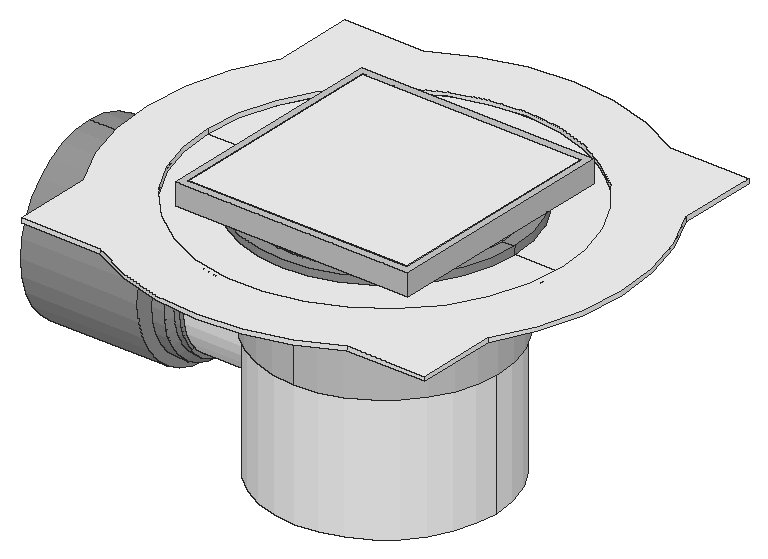
Revit family "HL_RU_Floor drain_HL72.1-A-160411", category Instalační zařizovací předměty, Revit 2021
Family settings
  Kóta kulaté spojky = Použít průměr
  Typ dílu = Normální
  Číslo OmniClass = 23.70.50.21.24.14
  Nadpis OmniClass = Deck Waste Water Drains
  Založené na pracovní rovině = Ne
  Vždy vertikální = Ano
  Ořezat dutým tvarem při načtení = Ne
  Sdílené = Ano
  Bod výpočtu místnosti = Ano
Parameters (values of type "HL72.1")
  РЕШЁТКА = "138x138mm / Kunststoff"
  РАЗМЕР = "DN75/110"
  ПРОПУСКНАЯ СПОСОБНОСТЬ = 1.16 L/s
  ПРОИЗВОДИТЕЛЬНОСТЬ = "1,5 l/s"
  ПРИЁМНОЕ ОТВЕРСТИЕ = ""
  ПРАВОВАЯ ИНФОРМАЦИЯ = "Авторские права(©), права на дизайн или какие либо другие права интелектуальной собственности являются исключительной собственностью компании HL Hutterer & Lechner. Изменению не подлежит. Файл семейства с данными о прозводителе изделия защищен паролем с водяным знаком."  # constant formula
  НОРМЫ = ""
  НОМИНАЛЬНЫЙ ДИАМЕТР = 110 mm
  НАСАДКА = "20-70mm / 147x147mm / PP"
  МАТЕРИАЛ = "PP"
  МАКСИМАЛЬНАЯ НАГРУЗКА КЛАССА = "K3 - 300 kg"
  ВЫСОТА МОНТАЖА = "170mm"
  ВЕС = "1,16 [kg]"
  Výchozí výška = 0 mm
  Přípoj ventilace = no
  Výrobce = "HL Hutterer & Lechner GmbH"  # constant formula
  URL = "http://www.hutterer-lechner.com/ru/products/catalog/floor-drains/attachments/HL72.1.aspx"
  Přípoj odpadních dílů = yes
  Přípoj HW = no
  Popis = "Трапы для внутренних помещений"
  Model = "HL72.1"
  Komentáře k typům = "HL72.1 Трап для внутренних помещений DN75/110 горизонтальный с обжимным фланцем, 147х147мм/138х138мм синтетический материал."
  Keynote = "HL72.1"
  Высота монтажа [instance] = 170 mm
  EAN = "9003076710720"
  DN_test [instance] = if(or(НОМИНАЛЬНЫЙ ДИАМЕТР = 75 mm, НОМИНАЛЬНЫЙ ДИАМЕТР = 110 mm), 30 mm, 0 mm)  # 30 mm
  Přípoj CW = no
  C [instance] = if(НОМИНАЛЬНЫЙ ДИАМЕТР = 75 mm, 153.7 mm, 187.1 mm)  # 187.1 mm
  B [instance] = if(НОМИНАЛЬНЫЙ ДИАМЕТР = 75 mm, Высота монтажа - 72.1 mm, Высота монтажа - 78.1 mm)  # 91.9 mm
  A [instance] = if(B - 100 mm > 15 mm, B - 100 mm, 15 mm)  # 15 mm
Reference planes
  plane 1 "Center (Front/Back)": y = 0
  plane 2: z = 0
  plane 3 "Center (Left/Right)": x = 0
  plane 4 "Ball Joint Vertical": x = 25.45
  plane 5: z = -170
  plane 6: z = -91.9
Lines and regions (mm)
  model lines, style "InvisibleLines"
    curve 1: line (0, 0, 0) -> (0, 0, 1000)
  reference lines
    curve 2: line (0, 0, -91.9) -> (-187.1, 0, -91.9)
  model lines, detail levels coarse+medium
    curve 3: line (0, 0, -91.9) -> (0, 0, -76.9)
    curve 4: line (0, 0, -76.9) -> (76.9, 0, 0)
    curve 5: line (0, 0, -76.9) -> (-76.9, 0, 0)
    curve 23: line (0, 0, -91.9) -> (-187.1, 0, -91.9)
  symbolic lines, detail levels coarse+medium
    curve 6: line (-75, 75, 0) -> (75, 75, 0)
    curve 7: line (-75, -75, 0) -> (-75, 75, 0)
    curve 8: line (75, -75, 0) -> (-75, -75, 0)
    curve 9: line (75, 75, 0) -> (75, -75, 0)
    curve 10: line (75, 75, 0) -> (145.711, 145.711, 0)
    curve 11: line (75, -75, 0) -> (145.711, -145.711, 0)
    curve 12: line (-75, 75, 0) -> (-145.711, 145.711, 0)
    curve 13: line (-75, -75, 0) -> (-145.711, -145.711, 0)
  symbolic lines, not visible, detail levels coarse+medium
    curve 14: line (-75, 75, 0) -> (75, 75, 0)
    curve 15: line (-75, -75, 0) -> (-75, 75, 0)
    curve 16: line (75, -75, 0) -> (-75, -75, 0)
    curve 17: line (75, 75, 0) -> (75, -75, 0)
    curve 18: line (75, 75, 0) -> (145.711, 145.711, 0)
    curve 19: line (75, -75, 0) -> (145.711, -145.711, 0)
    curve 20: line (-75, 75, 0) -> (-145.711, 145.711, 0)
    curve 21: line (-75, -75, 0) -> (-145.711, -145.711, 0)
  symbolic lines, style "InvisibleLines"
    curve 22: line (0, 0, 0) -> (0, 0, -30)
Text (mm)
  text "ПОЛ" at (-198.233, 0, -26.556), in view "Drain Construction View"
Dimensions and locks
  locked: plane 4 "Ball Joint Vertical" to plane 3 "Center (Left/Right)" at 25.45
  "Высота монтажа": plane 2 to plane 5
  "A": curve 5 to plane 6
  "B": curve 5 to plane 6
  "B": curve 4 to plane 6
  "B": plane 2 to plane 6
  locked: nested 5 to plane 5 at 25.75
  "DN_test": curve 22 to curve 22
  "C": plane 3 "Center (Left/Right)" to curve 23
  "C": plane 3 "Center (Left/Right)" to curve 2
  locked: curve 4 to plane 3 "Center (Left/Right)" (angle 45.00°)
  locked: plane 3 "Center (Left/Right)" to curve 5 (angle 45.00°)
  aligned and locked: level to plane 2
  aligned and locked: plane 2 to curve 1
  aligned and locked: plane 3 "Center (Left/Right)" to curve 1
  aligned and locked: plane 3 "Center (Left/Right)" to curve 2
  aligned and locked: plane 3 "Center (Left/Right)" to curve 3
  aligned and locked: plane 3 "Center (Left/Right)" to curve 5
  aligned and locked: plane 6 to curve 23
  aligned and locked: nested 1 to nested 3
  aligned and locked: plane 5 to nested 1
Automatic sketch dimensions
  level to curve 1 = 1000 mm
  curve 2 to plane 6 = 0 mm
Nested families
  nested 1: "HL_Корпус для трапа внутренних помещений_HL72.1K" at (0, 0, -14.2), type "HL72.1K_Main Component"
  nested 2: "HL_Насадка_HL0317.2E" at (0, 0, 0), type "HL0317.2E_Main Component"
    with Высота монтажа 70 mm, ВМ_Тест yes, ВМ 90 mm
  nested 3: "HL_Песколовка_HL0317.5E" at (0, 0, -20.45), type "HL0317.5E_Main Component"
  nested 4: "HL_Решётка_HL072.1E" at (0, 0, 0), type "HL072.1E_Main Component"
  nested 5: "HL_Уменьшение_HL0317.4E" at (-113.054, 0, -36.95) x (-1, 0, 0) z (0, 0, 1), type "HL0317.4E_Main Component"
Connectors
  piping at (-187.1, 0, -91.9), diameter 110, driven by "ПРОПУСКНАЯ СПОСОБНОСТЬ", driven by "НОМИНАЛЬНЫЙ ДИАМЕТР"
    settings: on curve 2, index 1, connector inside diameter 609.6 mm, connector length 0 mm, flow factor 0, pipe flow 1.16 L/s, pressure drop 0.0 Pa, fitting loss kfactor 0, connector angle 0.00°, fixture units 0, engagement length 0 mm, angle of deflection 0.00°, flow configuration 1, flow direction 2, fitting loss method 0, system type 16, joint type 0, gender type 0, connector reference index -1, connector utility 0, adjustable connector yes, is connector primary yes, connector description ""
Definition of nested family "HL_Корпус для трапа внутренних помещений_HL72.1K"
  Parameters (values of type "HL72.1K")
    РАЗМЕР = "DN75/110"
    ПРОИЗВОДИТЕЛЬНОСТЬ = "1,5 l/s"
    ПРАВОВАЯ ИНФОРМАЦИЯ = "Авторские права(©), права на дизайн или какие либо другие права интелектуальной собственности являются исключительной собственностью компании HL Hutterer & Lechner. Изменению не подлежит. Файл семейства с данными о прозводителе изделия защищен паролем с водяным знаком."  # constant formula
    МАТЕРИАЛ = "PP"
    ВЫСОТА МОНТАЖА = "150 mm"
    ВЕС = "0,52 [kg]"
    Waste Connection = yes
    Default Elevation = 0 mm
    Vent Connection = no
    Manufacturer = "HL Hutterer & Lechner GmbH"  # constant formula
    URL = "http://www.hutterer-lechner.com/ru/Products/catalog/floor-drains/attachments/HL72.1K.aspx"
    HW Connection = no
    Description = "Трапы для внутренних помещений - Комплектующие"
    Model = "HL72.1K"
    Type Comments = "HL72.1K Корпус трапа для внутренних помещений DN75 горизонтальный с обжимным фланцем."
    Keynote = "HL72.1K"
    EAN = "9003076008988"
    CW Connection = no
  Reference planes
    plane 1 "Center (Front/Back)": y = 0
    plane 2: z = 0
    plane 3 "Center (Left/Right)": x = 0
    plane 4 "Ball Joint Vertical": x = 25.45
  Forms (mm)
    Revolve 1, solid, detail levels fine
      sketch origin (0, 0, 0) x (1, 0, 0) y (0, 0, 1)
        loop
          line (0, -155.8) -> (71, -155.8) -> (71, -40.3) -> (83.205, -40.3) -> (89.5, -26.8) -> (89.5, -17) -> (94.734, -17) -> (95.169, -8.715) -> (79.5, -8.715) -> (79.5, -35.25) -> (68, -35.25) -> (68, -37.01) -> (60.505, -37.01) -> (60.505, -46.51) -> (68, -46.51) -> (68, -152.8) -> (0, -152.8) -> (0, -155.8)
        axis (0, -8.715) -> (0, -155.8)
      angle from 0 to 360
    Revolve 2, solid, detail levels fine
      sketch origin (0, 0, 0) x (1, 0, 0) y (0, 0, 1)
        loop
          line (82.5, 0) -> (74.9, 0)
          arc (74.9, 0) -> (72.291, -1.519) -> (72.325, -4.538) r 3
          line (72.325, -4.538) -> (72.999, -6.497) -> (72.999, -35.25) -> (79.5, -35.25) -> (79.5, -8.715) -> (82.5, -8.715) -> (82.5, 0)
        axis (0, 0) -> (0, -35.25)
      angle from 0 to 360
    Revolve 3, solid, detail levels fine
      sketch origin (0, 0, 0) x (1, 0, 0) y (0, 0, 1)
        loop
          line (-153.7, -46.25) -> (-153.7, -49.25) -> (-42.114, -49.25) -> (-42.114, -46.25) -> (-153.7, -46.25)
        axis (-153.7, -83.75) -> (-42.114, -83.75)
      angle from 0 to 360
    Extrusion 4, solid, detail levels fine
      sketch origin (0, 0, 0) x (1, 0, 0) y (0, 1, 0)
        loop
          circle (0, 0) r 60.505
      from -46.51 to -45.51
    Extrusion 5, void
      sketch origin (0, 0, 0) x (1, 0, 0) y (0, 1, 0)
        loop
          line (35.837, 48.75) -> (-19.675, 48.75) -> (-19.675, -48.75) -> (35.837, -48.75)
          arc (35.837, -48.75) -> (40.91, -44.579) -> (45.5, -39.883) r 60.505
          line (45.5, -39.883) -> (45.5, 39.883)
          arc (45.5, 39.883) -> (40.91, 44.579) -> (35.837, 48.75) r 60.505
      from -63.873 to -26.8
    Extrusion 6, solid, detail levels fine
      sketch origin (0, 0, 0) x (1, 0, 0) y (0, 1, 0)
        loop
          arc (35.837, 48.75) -> (34.778, 49.512) -> (33.702, 50.25) r 60.505
          line (33.702, 50.25) -> (-4.07, 50.25) -> (-4.07, 48.75) -> (35.837, 48.75)
        loop
          line (-4.07, -48.75) -> (-4.07, -50.25) -> (33.702, -50.25)
          arc (33.702, -50.25) -> (34.778, -49.512) -> (35.837, -48.75) r 60.505
          line (35.837, -48.75) -> (-4.07, -48.75)
        loop
          line (45.5, 39.883) -> (45.5, -39.883)
          arc (45.5, -39.883) -> (46.259, -39) -> (47, -38.103) r 60.505
          line (47, -38.103) -> (47, 38.103)
          arc (47, 38.103) -> (46.259, 39) -> (45.5, 39.883) r 60.505
      from -134.01 to -46.51
    Extrusion 7, solid, detail levels fine
      sketch origin (0, 0, 0) x (1, 0, 0) y (0, 0, 1)
        loop
          line (-21, -46.51) -> (-5.571, -134.01) -> (-4.07, -134.01) -> (-19.499, -46.51) -> (-21, -46.51)
      from 50.25 to -50.25
    Extrusion 8, solid, detail levels fine
      sketch origin (0, 0, 0) x (1, 0, 0) y (0, 0, 1)
        loop
          line (-4.07, -134.01) -> (-4.07, -46.51) -> (-19.499, -46.51) -> (-4.07, -134.01)
      from -48.75 to -50.25
    Extrusion 9, solid, detail levels fine
      sketch origin (0, 0, 0) x (1, 0, 0) y (0, 0, 1)
        loop
          line (-4.07, -46.51) -> (-19.499, -46.51) -> (-4.07, -134.01) -> (-4.07, -46.51)
      from 48.75 to 50.25
    Extrusion 10, void
      sketch origin (0, 0, 0) x (0, 1, 0) y (0, 0, 1)
        loop
          circle (0, -83.75) r 34.5
      from -42.114 to -128.469
    Revolve 11, void
      sketch origin (0, 0, 0) x (1, 0, 0) y (0, 0, 1)
        loop
          line (0, -129.446) -> (68, -129.446) -> (68, 17.174) -> (0, 17.174) -> (0, -129.446)
        axis (0, 17.174) -> (0, -129.446)
      angle from 0 to 360
    Extrusion 12, solid, detail levels fine
      sketch origin (0, 0, 0) x (1, 0, 0) y (0, 1, 0)
        loop
          arc (-30.916, 60.566) -> (-32.179, 59.904) -> (-33.429, 59.216) r 68
          arc (-33.429, 59.216) -> (-42.009, 0) -> (-33.429, -59.216) r 208.633
          arc (-33.429, -59.216) -> (-32.184, -59.901) -> (-30.926, -60.56) r 68
          arc (-30.926, -60.56) -> (-39.972, 0.003) -> (-30.916, 60.566) r 207.146
      from -75.3 to -152.8
    Extrusion 13, solid, detail levels fine
      sketch origin (0, 0, 0) x (1, 0, 0) y (0, 1, 0)
        loop
          line (-128, 128) -> (-128, 78.205)
          arc (-128, 78.205) -> (-150, 0) -> (-128, -78.205) r 150
          line (-128, -78.205) -> (-128, -128) -> (-78.205, -128)
          arc (-78.205, -128) -> (0, -150) -> (78.205, -128) r 150
          line (78.205, -128) -> (128, -128) -> (128, -78.205)
          arc (128, -78.205) -> (150, 0) -> (128, 78.205) r 150
          line (128, 78.205) -> (128, 128) -> (78.205, 128)
          arc (78.205, 128) -> (0, 150) -> (-78.205, 128) r 150
          line (-78.205, 128) -> (-128, 128)
        loop
          circle (0, 0) r 112.308
      from -1.759 to -4.538
    Revolve 14, solid, detail levels fine
      sketch origin (0, 0, 0) x (1, 0, 0) y (0, 0, 1)
        loop
          line (95.169, -8.715) -> (109.375, -7.472) -> (112.308, -4.538) -> (82.529, -4.538) -> (82.529, -8.715) -> (79.5, -8.715) -> (79.5, -17) -> (94.734, -17) -> (95.169, -8.715)
        axis (0, -4.538) -> (0, -17)
      angle from 0 to 360
  Cuts and joins
    Extrusion 10 cuts Revolve 1
    Extrusion 5 cuts Extrusion 4
    joined: Revolve 1, Extrusion 4, Extrusion 6, Extrusion 7, Extrusion 8, Extrusion 9, Extrusion 12
    Revolve 11 cuts Revolve 3
  Lines and regions (mm)
    model lines, detail levels fine
      curve 1: line (-5.307, 98.186, -4.538) -> (-3.194, 98.186, -4.538)
      curve 2: line (-4.093, 97.29, -4.538) -> (-5.307, 97.29, -4.538)
      curve 3: line (-4.093, 97.29, -4.538) -> (-4.093, 93.786, -4.538)
      curve 4: line (-3.194, 98.186, -4.538) -> (-3.194, 93.786, -4.538)
      curve 5: line (-1.279, 97.732, -4.538) -> (-1.279, 96.767, -4.538)
      curve 6: line (-2.179, 97.732, -4.538) -> (-2.179, 93.786, -4.538)
      curve 7: arc (-2.179, 97.732, -4.538) -> (-1.729, 98.182, -4.538) -> (-1.279, 97.732, -4.538) r 0.45
      curve 8: arc (-2.179, 93.786, -4.538) -> (-1.729, 93.336, -4.538) -> (-1.279, 93.786, -4.538) r 0.45
      curve 9: arc (-0.662, 96.154, -4.538) -> (-1.096, 96.333, -4.538) -> (-1.275, 96.767, -4.538) r 0.613
      curve 10: line (-1.279, 93.786, -4.538) -> (-1.279, 94.751, -4.538)
      curve 11: arc (-0.662, 95.364, -4.538) -> (-1.096, 95.185, -4.538) -> (-1.275, 94.751, -4.538) r 0.613
      curve 12: line (1.033, 97.732, -4.538) -> (1.033, 96.767, -4.538)
      curve 13: line (1.933, 97.732, -4.538) -> (1.933, 93.786, -4.538)
      curve 14: arc (1.933, 97.732, -4.538) -> (1.483, 98.182, -4.538) -> (1.033, 97.732, -4.538) r 0.45
      curve 15: arc (1.933, 93.786, -4.538) -> (1.483, 93.336, -4.538) -> (1.033, 93.786, -4.538) r 0.45
      curve 16: arc (0.417, 96.154, -4.538) -> (0.85, 96.333, -4.538) -> (1.03, 96.767, -4.538) r 0.613
      curve 17: line (1.033, 93.786, -4.538) -> (1.033, 94.751, -4.538)
      curve 18: arc (0.417, 95.364, -4.538) -> (0.85, 95.185, -4.538) -> (1.03, 94.751, -4.538) r 0.613
      curve 19: line (-0.662, 96.154, -4.538) -> (0.417, 96.154, -4.538)
      curve 20: line (-0.662, 95.364, -4.538) -> (0.417, 95.364, -4.538)
      curve 21: arc (-5.307, 98.186, -4.538) -> (-5.755, 97.738, -4.538) -> (-5.307, 97.29, -4.538) r 0.448
      curve 22: arc (-3.194, 93.786, -4.538) -> (-3.644, 93.337, -4.538) -> (-4.093, 93.786, -4.538) r 0.45
  Text (mm)
    text "ROOF/FLOOR" at (-198.233, 0, -26.556), in view "Drain Construction View"
  Dimensions and locks
    locked: plane 4 "Ball Joint Vertical" to plane 3 "Center (Left/Right)" at 25.45
    aligned and locked: level to plane 2
Definition of nested family "HL_Насадка_HL0317.2E"
  Parameters
    РАЗМЕР = "d 145 mm"
    ПРАВОВАЯ ИНФОРМАЦИЯ = "Авторские права(©), права на дизайн или какие либо другие права интелектуальной собственности являются исключительной собственностью компании HL Hutterer & Lechner. Изменению не подлежит. Файл семейства с данными о прозводителе изделия защищен паролем с водяным знаком."  # constant formula
    НАСАДКА = "147x147mm"
    МАТЕРИАЛ = "PP-V2A"
    Высота монтажа [instance] = 70 mm
    ВЫСОТА МОНТАЖА = "20-70mm"
    ВМ_Тест [instance] = and(or(Высота монтажа < ВМ_Max, Высота монтажа > ВМ_Min, Высота монтажа = ВМ_Min))  # yes
    ВМ_Min = 20 mm
    ВМ_Max = 70 mm
    ВМ [instance] = if(ВМ_Тест, Высота монтажа + 20 mm, 0 mm)  # 90 mm
    ВЕС = "0,13 [kg]"
    Waste Connection = yes
    Default Elevation = 0 mm
    Vent Connection = no
    Manufacturer = "HL Hutterer & Lechner GmbH"  # constant formula
    URL = "http://www.hutterer-lechner.com/ru/Products/catalog/floor-drains/attachments/HL0317.2E.aspx"
    HW Connection = no
    Description = "Трапы для внутренних помещений - Комплектующие"
    Model = "HL0317.2E"
    Type Comments = "HL0317.2E Насадные подрамники d 145мм/90мм/147х147мм"
    Keynote = "HL0317.2E"
    EAN = "9003076317028"
    CW Connection = no
  Reference planes
    plane 1 "Center (Front/Back)": y = 0
    plane 2: z = 0
    plane 3 "Center (Left/Right)": x = 0
    plane 4 "Ball Joint Vertical": x = 25.45
    plane 5: z = -90
  Forms (mm)
    Extrusion 1, solid, detail levels fine
      sketch origin (0, 0, 0) x (1, 0, 0) y (0, 1, 0)
        loop
          line (69.5, 69.5) -> (-69.5, 69.5) -> (-69.5, -69.5) -> (69.5, -69.5) -> (69.5, 69.5)
        loop
          line (73.5, 73.5) -> (-73.5, 73.5) -> (-73.5, -73.5) -> (73.5, -73.5) -> (73.5, 73.5)
      from 0 to -14
    Extrusion 2, solid, detail levels fine
      sketch origin (0, 0, 0) x (1, 0, 0) y (0, 1, 0)
        loop
          line (-21.332, 69.5) -> (-69.5, 69.5) -> (-69.5, 21.332)
          arc (-69.5, 21.332) -> (-51.407, 51.407) -> (-21.332, 69.5) r 72.7
        loop
          line (69.5, 21.332) -> (69.5, 69.5) -> (21.332, 69.5)
          arc (21.332, 69.5) -> (51.407, 51.407) -> (69.5, 21.332) r 72.7
        loop
          line (21.332, -69.5) -> (69.5, -69.5) -> (69.5, -21.332)
          arc (69.5, -21.332) -> (51.407, -51.407) -> (21.332, -69.5) r 72.7
        loop
          line (-69.5, -21.332) -> (-69.5, -69.5) -> (-21.332, -69.5)
          arc (-21.332, -69.5) -> (-51.407, -51.407) -> (-69.5, -21.332) r 72.7
      from -5 to -14
    Revolve 3, solid, detail levels fine
      sketch origin (0, 0, 0) x (0, 1, 0) y (0, 0, 1)
        loop
          line (72.5, -14) -> (69.3, -14) -> (69.3, -90) -> (72.5, -90) -> (72.5, -14)
        axis (0, -14) -> (0, -90)
      angle from 0 to 360
  Cuts and joins
    joined: Extrusion 1, Extrusion 2, Revolve 3
  Lines and regions (mm)
    symbolic lines, not visible
      curve 1: line (0, 0, -90) -> (0, 0, 0)
    model lines
      curve 2: line (0, 0, 0) -> (0, 0, 100)
  Text (mm)
    text "ROOF/FLOOR" at (-198.233, 0, -26.556), in view "Drain Construction View"
  Dimensions and locks
    locked: plane 4 "Ball Joint Vertical" to plane 3 "Center (Left/Right)" at 25.45
    "ВМ": plane 2 to plane 5
    aligned and locked: level to plane 2
    aligned and locked: plane 5 to cut or joined group of Extrusion 1, Extrusion 2, Revolve 3
    aligned and locked: plane 2 to curve 1
    aligned and locked: plane 5 to curve 1
    aligned and locked: plane 3 "Center (Left/Right)" to curve 1
  Automatic sketch dimensions
    Extrusion 1 sketch curve to plane 3 "Center (Left/Right)" = 73.5 mm
    Extrusion 1 sketch curve to Extrusion 1 sketch curve = 4 mm  (x4)
    plane 4 "Ball Joint Vertical" to Extrusion 1 sketch curve = 44.05 mm
    plane 1 "Center (Front/Back)" to Extrusion 1 sketch curve = 73.5 mm
    Extrusion 1 sketch curve to plane 1 "Center (Front/Back)" = 69.5 mm
    Extrusion 2 sketch curve to Extrusion 2 sketch curve = 0 mm  (x13)
    plane 1 "Center (Front/Back)" to Extrusion 2 sketch curve = 0 mm
    Extrusion 2 sketch curve to plane 3 "Center (Left/Right)" = 0 mm
    Extrusion 2 sketch curve to plane 3 "Center (Left/Right)" = 21.332 mm  (x2)
    Extrusion 2 sketch curve to Extrusion 2 sketch curve = 48.168 mm  (x2)
    Extrusion 2 sketch curve to plane 4 "Ball Joint Vertical" = 4.118 mm  (x2)
    plane 4 "Ball Joint Vertical" to Extrusion 2 sketch curve = 44.05 mm  (x2)
    plane 1 "Center (Front/Back)" to Extrusion 2 sketch curve = 21.332 mm  (x2)
    Extrusion 2 sketch curve to plane 1 "Center (Front/Back)" = 21.332 mm
    Extrusion 2 sketch curve to plane 1 "Center (Front/Back)" = 69.5 mm
    Revolve 3 sketch curve to plane 1 "Center (Front/Back)" = 0 mm
    Revolve 3 sketch curve to plane 5 = 0 mm
    Revolve 3 sketch curve to level = 14 mm
    Revolve 3 sketch curve to plane 1 "Center (Front/Back)" = 69.3 mm
    Revolve 3 sketch curve to Revolve 3 sketch curve = 3.2 mm
    Revolve 3 sketch curve to plane 5 = 430.992 mm
    level to Revolve 3 sketch curve = 2741.474 mm
    curve 2 to curve 2 = 100 mm
Definition of nested family "HL_Песколовка_HL0317.5E"
  Parameters (values of type "HL0317.5E")
    ПРАВОВАЯ ИНФОРМАЦИЯ = "Авторские права(©), права на дизайн или какие либо другие права интелектуальной собственности являются исключительной собственностью компании HL Hutterer & Lechner. Изменению не подлежит. Файл семейства с данными о прозводителе изделия защищен паролем с водяным знаком."  # constant formula
    МАТЕРИАЛ = "PP"
    ВЕС = "0,03[kg]"
    Waste Connection = yes
    Default Elevation = 0 mm
    Vent Connection = no
    Manufacturer = "HL Hutterer & Lechner GmbH"  # constant formula
    URL = "http://www.hutterer-lechner.com/ru/Products/catalog/floor-drains/attachments/HL0317.5E.aspx"
    HW Connection = no
    Description = "Трапы для внутренних помещений - Комплектующие"
    Model = "HL0317.5E"
    Type Comments = "HL0317.5E Песколовка"
    Keynote = "HL0317.5E"
    EAN = "9003076317059"
    CW Connection = no
  Reference planes
    plane 1 "Center (Front/Back)": y = 0
    plane 2: z = 0
    plane 3 "Center (Left/Right)": x = 0
    plane 4 "Ball Joint Vertical": x = 25.45
  Forms (mm)
    Revolve 1, solid, detail levels fine
      sketch origin (0, 0, 0) x (0, 1, 0) y (0, 0, 1)
        loop
          line (69, -29) -> (69, 0) -> (67.3, 0) -> (67.3, -27.3) -> (22, -27.3) -> (22, -8) -> (19, -8) -> (19, -29) -> (69, -29)
        axis (0, 0) -> (0, -29)
      angle from 0 to 360
  Lines and regions (mm)
    model lines, detail levels fine
      curve 1: circle (-44.62, 0, -27.3) r 5 normal (0, 0, 1)
      curve 2: circle (0, 44.62, -27.3) r 5 normal (0, 0, 1)
      curve 3: circle (44.62, 0, -27.3) r 5 normal (0, 0, 1)
      curve 4: circle (0, -44.62, -27.3) r 5 normal (0, 0, -1)
      curve 5: circle (-38.642, 22.31, -27.3) r 5 normal (0, 0, 1)
      curve 6: circle (22.31, 38.642, -27.3) r 5 normal (0, 0, 1)
      curve 7: circle (38.642, -22.31, -27.3) r 5 normal (0, 0, 1)
      curve 8: circle (-22.31, -38.642, -27.3) r 5 normal (0, 0, -1)
      curve 9: circle (-22.31, 38.642, -27.3) r 5 normal (0, 0, 1)
      curve 10: circle (38.642, 22.31, -27.3) r 5 normal (0, 0, 1)
      curve 11: circle (22.31, -38.642, -27.3) r 5 normal (0, 0, 1)
      curve 12: circle (-38.642, -22.31, -27.3) r 5 normal (0, 0, -1)
  Text (mm)
    text "ROOF/FLOOR" at (-198.233, 0, -26.556), in view "Drain Construction View"
  Dimensions and locks
    locked: plane 4 "Ball Joint Vertical" to plane 3 "Center (Left/Right)" at 25.45
    aligned and locked: level to plane 2
Definition of nested family "HL_Решётка_HL072.1E"
  Parameters (values of type "HL072.1E")
    РАЗМЕР = "138x138 mm"
    ПРАВОВАЯ ИНФОРМАЦИЯ = "Авторские права(©), права на дизайн или какие либо другие права интелектуальной собственности являются исключительной собственностью компании HL Hutterer & Lechner. Изменению не подлежит. Файл семейства с данными о прозводителе изделия защищен паролем с водяным знаком."  # constant formula
    МАТЕРИАЛ = "PA"
    МАКСИМАЛЬНАЯ НАГРУЗКА КЛАССА = "K3 - 300 kg"
    ВЕС = "0,09 [kg]"
    Waste Connection = yes
    Default Elevation = 0 mm
    Vent Connection = no
    Manufacturer = "HL Hutterer & Lechner GmbH"  # constant formula
    URL = "http://www.hutterer-lechner.com/ru/Products/catalog/floor-drains/attachments/HL072.1E.aspx"
    HW Connection = no
    Description = "Трапы для внутренних помещений - Комплектующие"
    Model = "HL072.1E"
    Type Comments = "HL072.1E Решетка для сливного отверстия из пластмассы 138х138мм"
    Keynote = "HL072.1E"
    EAN = "9003076007219"
    CW Connection = no
  Reference planes
    plane 1 "Center (Front/Back)": y = 0
    plane 2: z = 0
    plane 3 "Center (Left/Right)": x = 0
    plane 4 "Ball Joint Vertical": x = 25.45
  Forms (mm)
    Extrusion 1, solid, detail levels fine
      sketch origin (0, 0, 0) x (1, 0, 0) y (0, 1, 0)
        loop
          line (-69, 69) -> (-69, -69) -> (69, -69) -> (69, 69) -> (-69, 69)
      from 0 to -5
    Extrusion 2, solid, detail levels fine
      sketch origin (0, 0, 0) x (1, 0, 0) y (0, 1, 0)
        loop
          line (-57, 57) -> (-57, -57) -> (57, -57) -> (57, 57) -> (-57, 57)
      from -5 to -10
  Cuts and joins
    joined: Extrusion 1, Extrusion 2
  Lines and regions (mm)
    model lines, detail levels fine
      curve 1: line (-53, 55.05, 0) -> (-49, 55.05, 0)
      curve 2: line (-47, 53.05, 0) -> (-47, 9.75, 0)
      curve 3: line (-55, 9.75, 0) -> (-55, 53.05, 0)
      curve 4: line (-49, 7.75, 0) -> (-53, 7.75, 0)
      curve 5: arc (-53, 55.05, 0) -> (-54.414, 54.464, 0) -> (-55, 53.05, 0) r 2
      curve 6: arc (-49, 55.05, 0) -> (-47.586, 54.464, 0) -> (-47, 53.05, 0) r 2
      curve 7: arc (-47, 9.75, 0) -> (-47.586, 8.336, 0) -> (-49, 7.75, 0) r 2
      curve 8: arc (-53, 7.75, 0) -> (-54.414, 8.336, 0) -> (-55, 9.75, 0) r 2
      curve 9: line (-36, 55.05, 0) -> (-32, 55.05, 0)
      curve 10: line (-30, 53.05, 0) -> (-30, 9.75, 0)
      curve 11: line (-38, 9.75, 0) -> (-38, 53.05, 0)
      curve 12: line (-32, 7.75, 0) -> (-36, 7.75, 0)
      curve 13: arc (-36, 55.05, 0) -> (-37.414, 54.464, 0) -> (-38, 53.05, 0) r 2
      curve 14: arc (-32, 55.05, 0) -> (-30.586, 54.464, 0) -> (-30, 53.05, 0) r 2
      curve 15: arc (-30, 9.75, 0) -> (-30.586, 8.336, 0) -> (-32, 7.75, 0) r 2
      curve 16: arc (-36, 7.75, 0) -> (-37.414, 8.336, 0) -> (-38, 9.75, 0) r 2
      curve 17: line (-19, 55.05, 0) -> (-15, 55.05, 0)
      curve 18: line (-13, 53.05, 0) -> (-13, 9.75, 0)
      curve 19: line (-21, 9.75, 0) -> (-21, 53.05, 0)
      curve 20: line (-15, 7.75, 0) -> (-19, 7.75, 0)
      curve 21: arc (-19, 55.05, 0) -> (-20.414, 54.464, 0) -> (-21, 53.05, 0) r 2
      curve 22: arc (-15, 55.05, 0) -> (-13.586, 54.464, 0) -> (-13, 53.05, 0) r 2
      curve 23: arc (-13, 9.75, 0) -> (-13.586, 8.336, 0) -> (-15, 7.75, 0) r 2
      curve 24: arc (-19, 7.75, 0) -> (-20.414, 8.336, 0) -> (-21, 9.75, 0) r 2
      curve 25: line (-2, 55.05, 0) -> (2, 55.05, 0)
      curve 26: line (4, 53.05, 0) -> (4, 9.75, 0)
      curve 27: line (-4, 9.75, 0) -> (-4, 53.05, 0)
      curve 28: line (2, 7.75, 0) -> (-2, 7.75, 0)
      curve 29: arc (-2, 55.05, 0) -> (-3.414, 54.464, 0) -> (-4, 53.05, 0) r 2
      curve 30: arc (2, 55.05, 0) -> (3.414, 54.464, 0) -> (4, 53.05, 0) r 2
      curve 31: arc (4, 9.75, 0) -> (3.414, 8.336, 0) -> (2, 7.75, 0) r 2
      curve 32: arc (-2, 7.75, 0) -> (-3.414, 8.336, 0) -> (-4, 9.75, 0) r 2
      curve 33: line (15, 55.05, 0) -> (19, 55.05, 0)
      curve 34: line (21, 53.05, 0) -> (21, 9.75, 0)
      curve 35: line (13, 9.75, 0) -> (13, 53.05, 0)
      curve 36: line (19, 7.75, 0) -> (15, 7.75, 0)
      curve 37: arc (15, 55.05, 0) -> (13.586, 54.464, 0) -> (13, 53.05, 0) r 2
      curve 38: arc (19, 55.05, 0) -> (20.414, 54.464, 0) -> (21, 53.05, 0) r 2
      curve 39: arc (21, 9.75, 0) -> (20.414, 8.336, 0) -> (19, 7.75, 0) r 2
      curve 40: arc (15, 7.75, 0) -> (13.586, 8.336, 0) -> (13, 9.75, 0) r 2
      curve 41: line (32, 55.05, 0) -> (36, 55.05, 0)
      curve 42: line (38, 53.05, 0) -> (38, 9.75, 0)
      curve 43: line (30, 9.75, 0) -> (30, 53.05, 0)
      curve 44: line (36, 7.75, 0) -> (32, 7.75, 0)
      curve 45: arc (32, 55.05, 0) -> (30.586, 54.464, 0) -> (30, 53.05, 0) r 2
      curve 46: arc (36, 55.05, 0) -> (37.414, 54.464, 0) -> (38, 53.05, 0) r 2
      curve 47: arc (38, 9.75, 0) -> (37.414, 8.336, 0) -> (36, 7.75, 0) r 2
      curve 48: arc (32, 7.75, 0) -> (30.586, 8.336, 0) -> (30, 9.75, 0) r 2
      curve 49: line (49, 55.05, 0) -> (53, 55.05, 0)
      curve 50: line (55, 53.05, 0) -> (55, 9.75, 0)
      curve 51: line (47, 9.75, 0) -> (47, 53.05, 0)
      curve 52: line (53, 7.75, 0) -> (49, 7.75, 0)
      curve 53: arc (49, 55.05, 0) -> (47.586, 54.464, 0) -> (47, 53.05, 0) r 2
      curve 54: arc (53, 55.05, 0) -> (54.414, 54.464, 0) -> (55, 53.05, 0) r 2
      curve 55: arc (55, 9.75, 0) -> (54.414, 8.336, 0) -> (53, 7.75, 0) r 2
      curve 56: arc (49, 7.75, 0) -> (47.586, 8.336, 0) -> (47, 9.75, 0) r 2
      curve 57: line (-53, -55.05, 0) -> (-49, -55.05, 0)
      curve 58: line (-47, -53.05, 0) -> (-47, -9.75, 0)
      curve 59: line (-55, -9.75, 0) -> (-55, -53.05, 0)
      curve 60: line (-49, -7.75, 0) -> (-53, -7.75, 0)
      curve 61: arc (-53, -55.05, 0) -> (-54.414, -54.464, 0) -> (-55, -53.05, 0) r 2
      curve 62: arc (-49, -55.05, 0) -> (-47.586, -54.464, 0) -> (-47, -53.05, 0) r 2
      curve 63: arc (-47, -9.75, 0) -> (-47.586, -8.336, 0) -> (-49, -7.75, 0) r 2
      curve 64: arc (-53, -7.75, 0) -> (-54.414, -8.336, 0) -> (-55, -9.75, 0) r 2
      curve 65: line (-36, -55.05, 0) -> (-32, -55.05, 0)
      curve 66: line (-30, -53.05, 0) -> (-30, -9.75, 0)
      curve 67: line (-38, -9.75, 0) -> (-38, -53.05, 0)
      curve 68: line (-32, -7.75, 0) -> (-36, -7.75, 0)
      curve 69: arc (-36, -55.05, 0) -> (-37.414, -54.464, 0) -> (-38, -53.05, 0) r 2
      curve 70: arc (-32, -55.05, 0) -> (-30.586, -54.464, 0) -> (-30, -53.05, 0) r 2
      curve 71: arc (-30, -9.75, 0) -> (-30.586, -8.336, 0) -> (-32, -7.75, 0) r 2
      curve 72: arc (-36, -7.75, 0) -> (-37.414, -8.336, 0) -> (-38, -9.75, 0) r 2
      curve 73: line (-19, -55.05, 0) -> (-15, -55.05, 0)
      curve 74: line (-13, -53.05, 0) -> (-13, -9.75, 0)
      curve 75: line (-21, -9.75, 0) -> (-21, -53.05, 0)
      curve 76: line (-15, -7.75, 0) -> (-19, -7.75, 0)
      curve 77: arc (-19, -55.05, 0) -> (-20.414, -54.464, 0) -> (-21, -53.05, 0) r 2
      curve 78: arc (-15, -55.05, 0) -> (-13.586, -54.464, 0) -> (-13, -53.05, 0) r 2
      curve 79: arc (-13, -9.75, 0) -> (-13.586, -8.336, 0) -> (-15, -7.75, 0) r 2
      curve 80: arc (-19, -7.75, 0) -> (-20.414, -8.336, 0) -> (-21, -9.75, 0) r 2
      curve 81: line (-2, -55.05, 0) -> (2, -55.05, 0)
      curve 82: line (4, -53.05, 0) -> (4, -9.75, 0)
      curve 83: line (-4, -9.75, 0) -> (-4, -53.05, 0)
      curve 84: line (2, -7.75, 0) -> (-2, -7.75, 0)
      curve 85: arc (-2, -55.05, 0) -> (-3.414, -54.464, 0) -> (-4, -53.05, 0) r 2
      curve 86: arc (2, -55.05, 0) -> (3.414, -54.464, 0) -> (4, -53.05, 0) r 2
      curve 87: arc (4, -9.75, 0) -> (3.414, -8.336, 0) -> (2, -7.75, 0) r 2
      curve 88: arc (-2, -7.75, 0) -> (-3.414, -8.336, 0) -> (-4, -9.75, 0) r 2
      curve 89: line (15, -55.05, 0) -> (19, -55.05, 0)
      curve 90: line (21, -53.05, 0) -> (21, -9.75, 0)
      curve 91: line (13, -9.75, 0) -> (13, -53.05, 0)
      curve 92: line (19, -7.75, 0) -> (15, -7.75, 0)
      curve 93: arc (15, -55.05, 0) -> (13.586, -54.464, 0) -> (13, -53.05, 0) r 2
      curve 94: arc (19, -55.05, 0) -> (20.414, -54.464, 0) -> (21, -53.05, 0) r 2
      curve 95: arc (21, -9.75, 0) -> (20.414, -8.336, 0) -> (19, -7.75, 0) r 2
      curve 96: arc (15, -7.75, 0) -> (13.586, -8.336, 0) -> (13, -9.75, 0) r 2
      curve 97: line (32, -55.05, 0) -> (36, -55.05, 0)
      curve 98: line (38, -53.05, 0) -> (38, -9.75, 0)
      curve 99: line (30, -9.75, 0) -> (30, -53.05, 0)
      curve 100: line (36, -7.75, 0) -> (32, -7.75, 0)
      curve 101: arc (32, -55.05, 0) -> (30.586, -54.464, 0) -> (30, -53.05, 0) r 2
      curve 102: arc (36, -55.05, 0) -> (37.414, -54.464, 0) -> (38, -53.05, 0) r 2
      curve 103: arc (38, -9.75, 0) -> (37.414, -8.336, 0) -> (36, -7.75, 0) r 2
      curve 104: arc (32, -7.75, 0) -> (30.586, -8.336, 0) -> (30, -9.75, 0) r 2
      curve 105: line (49, -55.05, 0) -> (53, -55.05, 0)
      curve 106: line (55, -53.05, 0) -> (55, -9.75, 0)
      curve 107: line (47, -9.75, 0) -> (47, -53.05, 0)
      curve 108: line (53, -7.75, 0) -> (49, -7.75, 0)
      curve 109: arc (49, -55.05, 0) -> (47.586, -54.464, 0) -> (47, -53.05, 0) r 2
      curve 110: arc (53, -55.05, 0) -> (54.414, -54.464, 0) -> (55, -53.05, 0) r 2
      curve 111: arc (55, -9.75, 0) -> (54.414, -8.336, 0) -> (53, -7.75, 0) r 2
      curve 112: arc (49, -7.75, 0) -> (47.586, -8.336, 0) -> (47, -9.75, 0) r 2
    model lines
      curve 113: line (0, 0, 0) -> (0, 0, 100)
  Text (mm)
    text "ROOF/FLOOR" at (-198.233, 0, -26.556), in view "Drain Construction View"
  Dimensions and locks
    locked: plane 4 "Ball Joint Vertical" to plane 3 "Center (Left/Right)" at 25.45
    aligned and locked: level to plane 2
Definition of nested family "HL_Уменьшение_HL0317.4E"
  Parameters (values of type "HL0317.4E")
    РАЗМЕР = "DN110xDN75"
    ПРАВОВАЯ ИНФОРМАЦИЯ = "Авторские права(©), права на дизайн или какие либо другие права интелектуальной собственности являются исключительной собственностью компании HL Hutterer & Lechner. Изменению не подлежит. Файл семейства с данными о прозводителе изделия защищен паролем с водяным знаком."  # constant formula
    МАТЕРИАЛ = "PP"
    ВЕС = "0,10 [kg]"
    Waste Connection = yes
    Default Elevation = 0 mm
    Vent Connection = no
    Manufacturer = "HL Hutterer & Lechner GmbH"  # constant formula
    URL = "http://www.hutterer-lechner.com/ru/Products/catalog/floor-drains/attachments/HL0317.4E.aspx"
    HW Connection = no
    Description = "Трапы для внутренних помещений - Комплектующие"
    Model = "HL0317.4E"
    Type Comments = "HL0317.4E Уменьшение DN110xDN75"
    Keynote = "HL0317.4E"
    EAN = "9003076317042"
    CW Connection = no
  Reference planes
    plane 1 "Center (Front/Back)": y = 0
    plane 2: z = 0
    plane 3 "Center (Left/Right)": x = 0
    plane 4 "Ball Joint Vertical": x = 25.45
  Forms (mm)
    Revolve 1, solid, detail levels fine
      sketch origin (0, 0, 0) x (1, 0, 0) y (0, 0, 1)
        loop
          line (74, -2.7) -> (74, 0) -> (0, 0) -> (0, -55) -> (3, -55) -> (3, -2.7) -> (74, -2.7)
        axis (74, -55) -> (0, -55)
      angle from 0 to 360
    Revolve 2, solid, detail levels fine
      sketch origin (0, 0, 0) x (1, 0, 0) y (0, 0, 1)
        loop
          line (-15, -21.165) -> (-15, -23.3) -> (39.9, -23.3) -> (39.9, -21.3) -> (0, -21.3) -> (0, -17) -> (-8.629, -17) -> (-11.112, -21.165) -> (-15, -21.165)
        axis (-15, -61) -> (39.9, -61)
      angle from 0 to 360
    Extrusion 3, void
      sketch origin (0, 0, 0) x (0, 1, 0) y (0, 0, 1)
        loop
          arc (-33.715, -46.537) -> (-35.917, -53.62) -> (-36.661, -61) r 36.983
          arc (-36.661, -61) -> (-12.182, -95.805) -> (28.85, -84.535) r 36.983
          arc (28.85, -84.535) -> (31.932, -80.198) -> (34.36, -75.463) r 36.983
          arc (34.36, -75.463) -> (36.561, -68.38) -> (37.305, -61) r 36.983
          arc (37.305, -61) -> (7.702, -24.761) -> (-33.715, -46.537) r 36.983
      from 55.439 to -38.757
  Cuts and joins
    Extrusion 3 cuts Revolve 1
  Text (mm)
    text "ROOF/FLOOR" at (-198.233, 0, -26.556), in view "Drain Construction View"
  Dimensions and locks
    locked: plane 4 "Ball Joint Vertical" to plane 3 "Center (Left/Right)" at 25.45
    aligned and locked: level to plane 2
